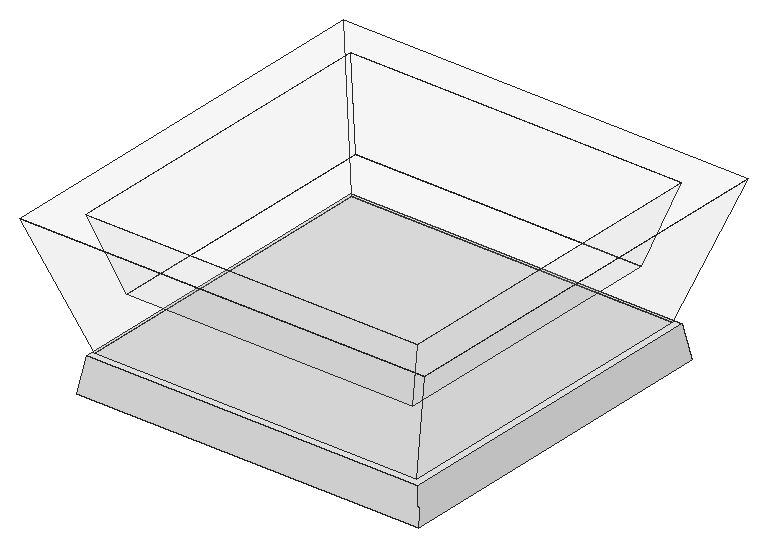
Revit family "SoapDish-Vitra-BaseSeries-A44144", category Plumbing Fixtures, host Face, Revit 2017
Family settings
  Host = Face
  Round Connector Dimension = Use Diameter
  Part Type = Normal
  OmniClass Number = 23.45.00.00
  OmniClass Title = Sanitary, Laundry, and Cleaning Equipment
  Cut with Voids When Loaded = No
  Shared = Yes
  Room Calculation Point = No
Parameters (values of type "SoapDish-Vitra-BaseSeries-A44144")
  Youtube = "https://www.youtube.com/user/VitrAglobal"
  Weight Net (kg) = ""
  Waste Connection = no
  Warranty Period (Year) = ""
  Vent Connection = no
  Uniformat II Description = "FURNISHINGS"
  Uniformat II Code = "E20"
  Uniclass 2015 Name = "Soap dishes"
  Uniclass 2015 Code = "Pr_40_20_76_82"
  Uniclass 2.0 Description = "Soap Dishes"
  Uniclass 2.0 Code = "PR-35-75-82"
  Uniclass 1.4 Description = "Soap holders/dispensers"
  Uniclass 1.4 Code = "L8246"
  URL = "https://vitraglobal.com/"
  UNSPSC Description = "Furniture and Furnishings"
  UNSPSC Code = ""
  Technical description = "https://vitraglobal.com/"
  Tap hole Options (default) = ""
  Specification = ""
  Secondary Material = Glass
  Region South America = "All"
  Region Oceania = "All"
  Region North America = "All"
  Region Middle East = "All"
  Region Europe = "All"
  Region Asia = "All"
  Region Antarctica = "All"
  Region Africa = "All"
  Product url = "https://vitraglobal.com/"
  Product manual = ""
  Product group = "Soap Dish"
  Product family = "Base Series"
  Product data url = ""
  Product certification = "https://www.vitraglobal.com/brochures/"
  Product Type = "Soap Dish"
  Product SKU = "A44144"
  Product Properties = ""
  Product Guid = ""
  OmniClass Description = "Hand Soap Holders"
  OmniClass Code = "23-31 25 29 11"
  Nominal Width (mm) = 110 mm
  Nominal Height (mm) = 45 mm
  Nominal Depth (mm) = 110 mm
  NBS Referans Description = "Soap Dishes"
  NBS Referans Code = "35-75-82"
  Mounting type = "Wall Mounted"
  Model = "A44144"
  Masterformat 2014 Description = "Toilet, Bath, and Laundry Accessory Schedule"
  Masterformat 2014 Code = "10 06 20.13"
  Manufacturer name = "Vitra"
  Manufacturer = "Vitra"
  Main Material = ""
  Installation instructions = ""
  IFC Classification = "Sanitary Terminal"
  Help = ""
  HW Connection = no
  GTIP code = ""
  Features = ""
  EAN code = ""
  Design country = "Turkey"
  Description = "Base Soap Dish"
  Default Elevation = 0 mm
  Color = "Chrome"
  Coating Material = Chrome
  Calculated flow = ""
  CW Connection = no
  COBIe Type Category = ""
  Brand = "VitrA"
  BIMobject category = "Sanitary - Bathroom Accessories"
  Article No. (default) = "A44144"
  Approvals = ""
  ApplicationType = ""
  Accessories (default) = ""
Reference planes
  plane 1 "Center (Front/Back)": y = 0
  plane 2: z = 0
  plane 3 "Center (Left/Right)": x = 0
  plane 4: y = 55
  plane 5: y = -55
  plane 6: x = 55
  plane 7: x = -55
  plane 8: z = 45
Forms (mm)
  Blend 1, solid, material "Chrome" <- "Coating Material", detail levels fine
    base sketch origin (47.049, -47.03, 0) x (0, 1, 0) y (-1, 0, 0)
      loop
        line (0.549, 93.53) -> (0.549, 0.549) -> (93.53, 0.549) -> (93.53, 93.53) -> (0.549, 93.53)
    top sketch origin (45.54, 45.54, 9) x (1, 0, 0) y (0, 1, 0)
      loop
        line (-90.522, -0.54) -> (-90.522, -90.522) -> (-0.54, -90.522) -> (-0.54, -0.54) -> (-90.522, -0.54)
    from 0 to 0
  Blend 2, solid, material "Glass" <- "Secondary Material", detail levels fine
    base sketch origin (44.191, 44.191, 9.365) x (0, 1, 0) y (-1, 0, 0)
      loop
        line (-0.524, 0.524) -> (-0.524, 87.84) -> (-87.84, 87.84) -> (-87.84, 0.524) -> (-0.524, 0.524)
    top sketch origin (-55.627, 55.649, 43.365) x (1, 0, 0) y (0, 1, 0)
      loop
        line (0.649, -110.627) -> (110.627, -110.627) -> (110.627, -0.649) -> (0.649, -0.649) -> (0.649, -110.627)
    from 0 to 0
  Blend 3, void
    base sketch origin (-55.627, 55.649, 43.365) x (1, 0, 0) y (0, 1, 0)
      loop
        line (94.473, -16.802) -> (16.78, -16.802) -> (16.78, -94.495) -> (94.473, -94.495) -> (94.473, -16.802)
    top sketch origin (-55.627, 55.649, 43.365) x (1, 0, 0) y (0, 1, 0)
      loop
        line (10.113, -10.135) -> (10.113, -101.162) -> (101.14, -101.162) -> (101.14, -10.135) -> (10.113, -10.135)
    from -20 to 1.635
  Blend 4, solid, detail levels medium
    base sketch origin (45.54, 45.54, 9) x (1, 0, 0) y (0, 1, 0)
      loop
        line (0.96, 0.96) -> (-92.021, 0.96) -> (-92.021, -92.021) -> (0.96, -92.021) -> (0.96, 0.96)
    top sketch origin (45.54, 45.54, 9) x (1, 0, 0) y (0, 1, 0)
      loop
        line (-1.873, -1.873) -> (-89.189, -1.873) -> (-89.189, -89.189) -> (-1.873, -89.189) -> (-1.873, -1.873)
    from -9 to 0
  Blend 5, solid, detail levels medium
    base sketch origin (45.54, 45.54, 9) x (1, 0, 0) y (0, 1, 0)
      loop
        line (9.46, 9.46) -> (-100.518, 9.46) -> (-100.518, -100.518) -> (9.46, -100.518) -> (9.46, 9.46)
    top sketch origin (45.54, 45.54, 9) x (1, 0, 0) y (0, 1, 0)
      loop
        line (-1.873, -1.873) -> (-89.189, -1.873) -> (-89.189, -89.189) -> (-1.873, -89.189) -> (-1.873, -1.873)
    from 34.365 to 0
  Extrusion 6, solid, detail levels coarse
    sketch origin (45.54, 45.54, 9) x (1, 0, 0) y (0, 1, 0)
      loop
        line (9.46, 9.46) -> (-100.518, 9.46) -> (-100.518, -100.518) -> (9.46, -100.518) -> (9.46, 9.46)
    from -9 to 36
Cuts and joins
  Blend 3 cuts Blend 2
Dimensions and locks
  "Nominal Height (mm)": plane 8 to level
  "Nominal Width (mm)": plane 7 to plane 6
  "Nominal Depth (mm)": plane 4 to plane 5
  aligned and locked: plane 2 to host face
  aligned and locked: level to host face
Automatic sketch dimensions
  host sketch curve to host sketch curve = 2438.4 mm  (x2)
  Blend 1 sketch curve to Blend 1 sketch curve = 92.981 mm  (x2)
  Blend 1 sketch curve to Blend 1 sketch curve = 89.982 mm  (x2)
  plane 5 to Blend 2 sketch curve = 11.351 mm
  Blend 2 sketch curve to plane 4 = 11.333 mm
  plane 6 to Blend 2 sketch curve = 11.333 mm
  Blend 2 sketch curve to plane 7 = 11.351 mm
  Blend 2 sketch curve to plane 4 = 0 mm
  Blend 2 sketch curve to plane 6 = 0 mm
  Blend 2 sketch curve to plane 7 = 0.022 mm
  plane 5 to Blend 2 sketch curve = 0.022 mm
  Blend 3 sketch curve to plane 7 = 16.153 mm
  plane 6 to Blend 3 sketch curve = 16.153 mm
  plane 5 to Blend 3 sketch curve = 16.153 mm
  Blend 3 sketch curve to plane 4 = 16.153 mm
  Blend 3 sketch curve to plane 7 = 9.487 mm
  plane 6 to Blend 3 sketch curve = 9.487 mm
  plane 5 to Blend 3 sketch curve = 9.487 mm
  Blend 3 sketch curve to plane 4 = 9.487 mm
  Blend 4 sketch curve to plane 7 = 8.519 mm
  plane 6 to Blend 4 sketch curve = 8.5 mm
  plane 5 to Blend 4 sketch curve = 8.519 mm
  Blend 4 sketch curve to plane 4 = 8.5 mm
  Blend 4 sketch curve to plane 7 = 11.351 mm
  plane 6 to Blend 4 sketch curve = 11.333 mm
  plane 5 to Blend 4 sketch curve = 11.351 mm
  Blend 4 sketch curve to plane 4 = 11.333 mm
  Blend 5 sketch curve to plane 4 = 0 mm
  Blend 5 sketch curve to plane 6 = 0 mm
  Blend 5 sketch curve to plane 7 = 0.022 mm
  plane 5 to Blend 5 sketch curve = 0.022 mm
  Blend 5 sketch curve to plane 7 = 11.351 mm
  plane 6 to Blend 5 sketch curve = 11.333 mm
  plane 5 to Blend 5 sketch curve = 11.351 mm
  Blend 5 sketch curve to plane 4 = 11.333 mm
  Extrusion 6 sketch curve to plane 4 = 0 mm
  Extrusion 6 sketch curve to plane 6 = 0 mm
  Extrusion 6 sketch curve to plane 7 = 0.022 mm
  plane 5 to Extrusion 6 sketch curve = 0.022 mm
